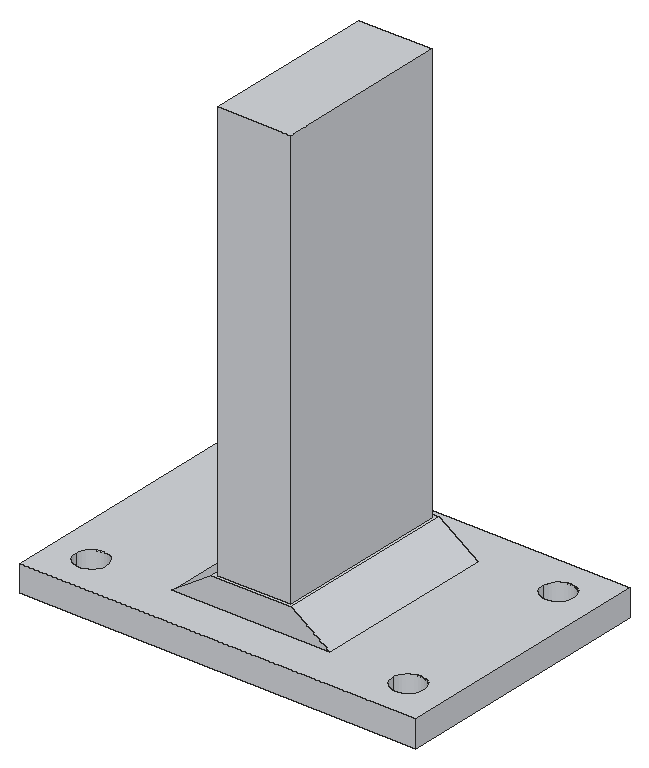
Revit family "Lighting-UrbanLighting-GEWISS-EXTRO-BASE_SUPPORT", category Apparecchi per illuminazione, Revit 2019
Family settings
  Quota connettore circolare = Usa diametro
  Tipo di parte = Normale
  Numero OmniClass = 23.80.00.00
  Titolo OmniClass = Electric Power and Lighting
  Basato su piano di lavoro = Sì
  Sempre verticale = Sì
  Taglio con vuoti quando caricato = No
  Sorgente d'illuminazione = No
  Condiviso = No
  Punto di calcolo locali = Sì
Parameters (values of type "GW82297 - RECTANGULAR BASE COLUMN EXTRO G.GREY")
  Version file RFA = "20.11"
  URL = "https://www.gewiss.com/ww/en"
  Technical sheet = "https://www.gewiss.com/ww/en/search?q=GW82297"
  SIMBOLO [instance] = yes
  SEO = "Column base"
  Realized by GEWISS S.p.A. = ""
  Default Elevation = 1219.2 mm
  Produttore = "GEWISS S.p.A."
  Piede = none
  Outer dim. LxHxD (mm) = "300x202x315"
  Modello = "GW82297"
  Material = "Extruded aluminium"
  Larghezza_basamento = 202 mm
  Lunghezza_Basamento = 300 mm
  Lunghezza_piede = 140 mm
  Larghezza_Piede [instance] = 60 mm
  Immagine tipo = GW82297.jpg
  IDT = "1fff9009-d007-4e18-9cb8-e6882bacfd6c"
  IDF = "e4de050c-6b37-4dae-86da-f3d3a7c91041"
  Electrocod = "240"
  EAN code = "8011564210431"
  Dimensions AxBxC (mm) = "300x202x315"
  Descrizione = "RECTANGULAR BASE COLUMN EXTRO G.GREY"
  Colour = "Graphite grey"
  Catalogue Range = "EXTRO"
  Catalogue = "LIGHTING"
  COBie.Tagnumber = ""
  COBie.CreatedOn = ""
  COBie.CreatebBy = ""
  COBie.ComponentRegisterItemID = ""
  COBie.Component.TagNumber = ""
  COBie.Component.Space = ""
  COBie.Component.SerialNumber = ""
  COBie.Component.InstallationDate = ""
  COBie.Component.Description = ""
  COBie.Component.BarCode = ""
  Basamento = none
  BIDIMENSIONALE [instance] = not(SIMBOLO)  # no
  Altezza piede = 358 mm
Reference planes
  plane 1 "Centro (Fronte/Retro)": y = 0
  plane 2: z = 0
  plane 3 "Centro (Sinistra/Destra)": x = 0
  plane 4: x = -150
  plane 5: x = 150
  plane 6: y = 101
  plane 7: y = -101
  plane 8: z = 20
  plane 9: x = -30
  plane 10: x = 30
  plane 11: x = -60
  plane 12: x = 60
  plane 13: z = 40
  plane 14: y = 70
  plane 15: y = -70
  plane 16: x = 27.5
  plane 17: x = -27.5
  plane 18: y = 67
  plane 19: y = -67
  plane 20: z = 358
Forms (mm)
  Extrusion 1, solid, material <- "Basamento"
    sketch origin (0, 0, 0) x (1, 0, 0) y (0, 1, 0)
      loop
        line (-150, 101) -> (-150, -101) -> (150, -101) -> (150, 101) -> (-150, 101)
      loop
        circle (-120, 71) r 12
      loop
        circle (120, 71) r 12
      loop
        circle (-120, -71) r 12
      loop
        circle (120, -71) r 12
    from 0 to 20
  Extrusion 2, solid, material <- "Basamento"
    sketch origin (0, 0, 0) x (1, 0, 0) y (0, 0, 1)
      loop
        line (-30, 40) -> (-60, 20) -> (60, 20) -> (30, 40) -> (-30, 40)
    from -70 to 70
  Extrusion 3, solid, material <- "Piede"
    sketch origin (0, 0, 0) x (1, 0, 0) y (0, 1, 0)
      loop
        line (-27.5, 67) -> (-27.5, -67) -> (27.5, -67) -> (27.5, 67) -> (-27.5, 67)
    from 40 to 358
Lines and regions (mm)
  Masking region 1, visible <- "BIDIMENSIONALE"
    outline origin (0, 0, 0) x (1, 0, 0) y (0, 1, 0)
      loop
        line (-150, 101) -> (-150, -101) -> (150, -101) -> (150, 101) -> (-150, 101)
  Masking region 2
    outline origin (0, 0, 0) x (1, 0, 0) y (0, 0, 1)
      loop
        line (-150, 0) -> (150, 0) -> (150, 20) -> (-150, 20) -> (-150, 0)
      loop
        line (-27.5, 40) -> (27.5, 40) -> (27.5, 358) -> (-27.5, 358) -> (-27.5, 40)
  Masking region 3
    outline origin (0, 0, 0) x (1, 0, 0) y (0, 0, 1)
      loop
        line (-60, 20) -> (60, 20) -> (30, 40) -> (-30, 40) -> (-60, 20)
  Masking region 4
    outline origin (0, 0, 0) x (0, 1, 0) y (0, 0, 1)
      loop
        line (-101, 0) -> (101, 0) -> (101, 20) -> (-101, 20) -> (-101, 0)
      loop
        line (-67, 40) -> (67, 40) -> (67, 358) -> (-67, 358) -> (-67, 40)
  Masking region 5
    outline origin (0, 0, 0) x (0, 1, 0) y (0, 0, 1)
      loop
        line (-70, 20) -> (70, 20) -> (70, 40) -> (-70, 40) -> (-70, 20)
  symbolic lines
    curve 1: line (-150, 0, 0) -> (150, 0, 0)
    curve 2: line (-150, 0, 20) -> (-150, 0, 0)
    curve 3: line (150, 0, 20) -> (-150, 0, 20)
    curve 4: line (150, 0, 0) -> (150, 0, 20)
    curve 5: line (-27.5, 0, 40) -> (27.5, 0, 40)
    curve 6: line (-27.5, 0, 358) -> (-27.5, 0, 40)
    curve 7: line (27.5, 0, 358) -> (-27.5, 0, 358)
    curve 8: line (27.5, 0, 40) -> (27.5, 0, 358)
    curve 9: line (-30, 0, 40) -> (-60, 0, 20)
    curve 10: line (60, 0, 20) -> (30, 0, 40)
    curve 11: line (27.5, 0, 40) -> (-30, 0, 40)
    curve 23: line (0, 101, 0) -> (0, -101, 0)
    curve 24: line (0, 101, 20) -> (0, 101, 0)
    curve 25: line (0, -101, 20) -> (0, 101, 20)
    curve 26: line (0, -101, 0) -> (0, -101, 20)
    curve 27: line (0, -70, 20) -> (0, 70, 20)
    curve 28: line (0, -70, 40) -> (0, -70, 20)
    curve 29: line (0, 70, 40) -> (0, -70, 40)
    curve 30: line (0, 70, 20) -> (0, 70, 40)
    curve 31: line (0, 67, 40) -> (0, -67, 40)
    curve 32: line (0, 67, 358) -> (0, 67, 40)
    curve 33: line (0, -67, 358) -> (0, 67, 358)
    curve 34: line (0, -67, 40) -> (0, -67, 358)
  symbolic lines, not visible
    curve 12: line (-150, 0, 0) -> (150, 0, 0)
    curve 13: line (-150, 0, 20) -> (-150, 0, 0)
    curve 14: line (150, 0, 20) -> (-150, 0, 20)
    curve 15: line (150, 0, 0) -> (150, 0, 20)
    curve 16: line (-27.5, 0, 40) -> (27.5, 0, 40)
    curve 17: line (-27.5, 0, 358) -> (-27.5, 0, 40)
    curve 18: line (27.5, 0, 358) -> (-27.5, 0, 358)
    curve 19: line (27.5, 0, 40) -> (27.5, 0, 358)
    curve 20: line (-30, 0, 40) -> (-60, 0, 20)
    curve 21: line (60, 0, 20) -> (30, 0, 40)
    curve 22: line (27.5, 0, 40) -> (-30, 0, 40)
    curve 35: line (0, 101, 0) -> (0, -101, 0)
    curve 36: line (0, 101, 20) -> (0, 101, 0)
    curve 37: line (0, -101, 20) -> (0, 101, 20)
    curve 38: line (0, -101, 0) -> (0, -101, 20)
    curve 39: line (0, -70, 20) -> (0, 70, 20)
    curve 40: line (0, -70, 40) -> (0, -70, 20)
    curve 41: line (0, 70, 40) -> (0, -70, 40)
    curve 42: line (0, 70, 20) -> (0, 70, 40)
    curve 43: line (0, 67, 40) -> (0, -67, 40)
    curve 44: line (0, 67, 358) -> (0, 67, 40)
    curve 45: line (0, -67, 358) -> (0, 67, 358)
    curve 46: line (0, -67, 40) -> (0, -67, 358)
  symbolic lines, visible <- "BIDIMENSIONALE"
    curve 47: line (-150, 101, 0) -> (150, 101, 0)
    curve 48: line (-150, -101, 0) -> (-150, 101, 0)
    curve 49: line (150, -101, 0) -> (-150, -101, 0)
    curve 50: line (150, 101, 0) -> (150, -101, 0)
    curve 51: arc (-132, 71, 0) -> (-120, 83, 0) -> (-108, 71, 0) r 12
    curve 52: arc (-108, 71, 0) -> (-120, 59, 0) -> (-132, 71, 0) r 12
    curve 53: arc (-132, -71, 0) -> (-120, -59, 0) -> (-108, -71, 0) r 12
    curve 54: arc (-108, -71, 0) -> (-120, -83, 0) -> (-132, -71, 0) r 12
    curve 55: line (-60, -70, 0) -> (-60, 70, 0)
    curve 56: line (-60, 70, 0) -> (60, 70, 0)
    curve 57: line (60, 70, 0) -> (60, -70, 0)
    curve 58: line (60, -70, 0) -> (-60, -70, 0)
    curve 59: line (-30, 70, 0) -> (-30, -70, 0)
    curve 60: line (30, 70, 0) -> (30, -70, 0)
    curve 61: line (27.5, -67, 0) -> (27.5, 67, 0)
    curve 62: line (27.5, 67, 0) -> (-27.5, 67, 0)
    curve 63: line (-27.5, 67, 0) -> (-27.5, -67, 0)
    curve 64: line (-27.5, -67, 0) -> (27.5, -67, 0)
    curve 65: arc (132, -71, 0) -> (120, -59, 0) -> (108, -71, 0) r 12
    curve 66: arc (108, -71, 0) -> (120, -83, 0) -> (132, -71, 0) r 12
    curve 67: arc (132, 71, 0) -> (120, 59, 0) -> (108, 71, 0) r 12
    curve 68: arc (108, 71, 0) -> (120, 83, 0) -> (132, 71, 0) r 12
  symbolic lines, visible <- "BIDIMENSIONALE", not visible
    curve 69: line (-150, 101, 0) -> (150, 101, 0)
    curve 70: line (-150, -101, 0) -> (-150, 101, 0)
    curve 71: line (150, -101, 0) -> (-150, -101, 0)
    curve 72: line (150, 101, 0) -> (150, -101, 0)
    curve 73: arc (-132, 71, 0) -> (-120, 83, 0) -> (-108, 71, 0) r 12
    curve 74: arc (-108, 71, 0) -> (-120, 59, 0) -> (-132, 71, 0) r 12
    curve 75: arc (-132, -71, 0) -> (-120, -59, 0) -> (-108, -71, 0) r 12
    curve 76: arc (-108, -71, 0) -> (-120, -83, 0) -> (-132, -71, 0) r 12
    curve 77: line (-60, -70, 0) -> (-60, 70, 0)
    curve 78: line (-60, 70, 0) -> (60, 70, 0)
    curve 79: line (60, 70, 0) -> (60, -70, 0)
    curve 80: line (60, -70, 0) -> (-60, -70, 0)
    curve 81: line (-30, 70, 0) -> (-30, -70, 0)
    curve 82: line (30, 70, 0) -> (30, -70, 0)
    curve 83: line (27.5, -67, 0) -> (27.5, 67, 0)
    curve 84: line (27.5, 67, 0) -> (-27.5, 67, 0)
    curve 85: line (-27.5, 67, 0) -> (-27.5, -67, 0)
    curve 86: line (-27.5, -67, 0) -> (27.5, -67, 0)
    curve 87: arc (132, -71, 0) -> (120, -59, 0) -> (108, -71, 0) r 12
    curve 88: arc (108, -71, 0) -> (120, -83, 0) -> (132, -71, 0) r 12
    curve 89: arc (132, 71, 0) -> (120, 59, 0) -> (108, 71, 0) r 12
    curve 90: arc (108, 71, 0) -> (120, 83, 0) -> (132, 71, 0) r 12
Dimensions and locks
  equal spacing: plane 4, plane 3 "Centro (Sinistra/Destra)", plane 5
  equal spacing: plane 6, plane 1 "Centro (Fronte/Retro)", plane 7
  locked: plane 8 to plane 2 at 20
  "Lunghezza_Basamento": plane 4 to plane 5
  "Larghezza_basamento": plane 6 to plane 7
  locked: plane 4 to Extrusion 1 sketch curve at 30  (x2)
  locked: Extrusion 1 sketch curve to plane 5 at 30  (x2)
  locked: Extrusion 1 sketch curve to plane 7 at 30  (x2)
  locked: plane 6 to Extrusion 1 sketch curve at 30  (x2)
  equal spacing: plane 9, plane 3 "Centro (Sinistra/Destra)", plane 10
  "Larghezza_Piede": plane 9 to plane 10
  plane 10 to plane 9 = 60 mm
  equal spacing: plane 12, plane 3 "Centro (Sinistra/Destra)", plane 11
  locked: plane 13 to plane 8 at 20
  equal spacing: plane 14, plane 1 "Centro (Fronte/Retro)", plane 15
  "Lunghezza_piede": plane 14 to plane 15
  locked: plane 9 to plane 17 at 2.5
  locked: plane 16 to plane 10 at 2.5
  locked: plane 14 to plane 18 at 3
  locked: plane 19 to plane 15 at 3
  "Altezza piede": plane 20 to level
  aligned and locked: level to plane 2
  aligned and locked: Extrusion 1 sketch curve to plane 6
  aligned and locked: plane 7 to Extrusion 1 sketch curve
  aligned and locked: plane 8 to Extrusion 1
  aligned and locked: plane 13 to Extrusion 2 sketch curve
  aligned and locked: Extrusion 2 sketch curve to plane 8
  aligned and locked: plane 14 to Extrusion 2
  aligned and locked: Extrusion 2 to plane 15
  aligned and locked: Extrusion 3 sketch curve to plane 18
  aligned and locked: plane 17 to Extrusion 3 sketch curve
  aligned and locked: plane 19 to Extrusion 3 sketch curve
  aligned and locked: Extrusion 3 sketch curve to plane 16
  aligned and locked: plane 20 to Extrusion 3
  aligned and locked: Extrusion 3 to plane 13
  aligned and locked: plane 1 "Centro (Fronte/Retro)" to nested 1
  aligned and locked: plane 3 "Centro (Sinistra/Destra)" to nested 1
  aligned and locked: Masking region 1 sketch curve to Extrusion 1  (x4)
  aligned and locked: Masking region 2 sketch curve to Extrusion 1  (x4)
  aligned and locked: Masking region 2 sketch curve to Extrusion 3  (x4)
  aligned and locked: Masking region 4 sketch curve to Extrusion 1  (x4)
  aligned and locked: Masking region 4 sketch curve to Extrusion 3  (x4)
  aligned and locked: Masking region 5 sketch curve to Extrusion 2  (x4)
Automatic sketch dimensions
  Extrusion 1 sketch curve to plane 4 = 0 mm
  Extrusion 1 sketch curve to plane 5 = 0 mm
  Extrusion 2 sketch curve to plane 11 = 0 mm
  Extrusion 2 sketch curve to plane 9 = 0 mm
  Extrusion 2 sketch curve to plane 10 = 0 mm
  Extrusion 2 sketch curve to plane 12 = 0 mm
  curve 51 to curve 52 = 0 mm  (x2)
  curve 53 to curve 54 = 0 mm  (x2)
  curve 65 to curve 66 = 0 mm  (x2)
  curve 67 to curve 68 = 0 mm  (x2)
  curve 48 to curve 54 = 30 mm  (x2)
  curve 47 to curve 52 = 30 mm
  curve 53 to curve 55 = 60 mm
  curve 55 to curve 63 = 32.5 mm
  curve 62 to curve 61 = 55 mm
  curve 61 to curve 57 = 32.5 mm
  curve 56 to curve 67 = 60 mm
  curve 57 to curve 65 = 60 mm
  curve 65 to curve 49 = 30 mm
  curve 49 to curve 66 = 30 mm
  curve 53 to curve 58 = 1 mm
  curve 60 to curve 61 = 3 mm
  curve 63 to curve 62 = 134 mm
  curve 61 to curve 57 = 3 mm
  curve 55 to curve 52 = 1 mm
  curve 56 to curve 68 = 1 mm
  curve 52 to curve 48 = 30 mm
  curve 52 to curve 51 = 12 mm
  curve 54 to curve 53 = 12 mm
  curve 59 to curve 62 = 2.5 mm
  curve 61 to curve 60 = 2.5 mm
  curve 68 to curve 67 = 12 mm
  curve 65 to curve 65 = 12 mm
  curve 73 to curve 74 = 0 mm  (x2)
  curve 75 to curve 76 = 0 mm  (x2)
  curve 87 to curve 88 = 0 mm  (x2)
  curve 89 to curve 90 = 0 mm  (x2)
  curve 70 to curve 76 = 30 mm  (x2)
  curve 69 to curve 74 = 30 mm
  curve 75 to curve 77 = 60 mm
  curve 77 to curve 85 = 32.5 mm
  curve 84 to curve 83 = 55 mm
  curve 83 to curve 79 = 32.5 mm
  curve 78 to curve 89 = 60 mm
  curve 79 to curve 87 = 60 mm
  curve 87 to curve 71 = 30 mm
  curve 71 to curve 88 = 30 mm
  curve 75 to curve 80 = 1 mm
  curve 82 to curve 83 = 3 mm
  curve 85 to curve 84 = 134 mm
  curve 83 to curve 79 = 3 mm
  curve 77 to curve 74 = 1 mm
  curve 78 to curve 90 = 1 mm
  curve 74 to curve 70 = 30 mm
  curve 74 to curve 73 = 12 mm
  curve 76 to curve 75 = 12 mm
  curve 81 to curve 84 = 2.5 mm
  curve 83 to curve 82 = 2.5 mm
  curve 90 to curve 89 = 12 mm
  curve 87 to curve 87 = 12 mm
  Masking region 3 sketch curve to plane 8 = 0 mm
  Masking region 3 sketch curve to plane 11 = 0 mm
  Masking region 3 sketch curve to plane 9 = 0 mm
  Masking region 3 sketch curve to plane 10 = 0 mm
  Masking region 3 sketch curve to plane 12 = 0 mm
  Masking region 3 sketch curve to plane 13 = 0 mm
  radius of Extrusion 1 sketch curve = 12 mm  (x4)
Nested families
  nested 1: "ACCPIASTRA" at (0, 0, 0), visible <- "SIMBOLO", type "ACCPIASTRA"
Definition of nested family "ACCPIASTRA"
  Reference planes
    plane 1 "Centro (Fronte/Retro)": y = 0
    plane 2: z = 0
    plane 3 "Centro (Sinistra/Destra)": x = 0
  Lines and regions (mm)
    detail lines, in view "Livello rif."
      curve 1: line (-85.401, -52.093, 0) -> (85.401, -52.093, 0)
      curve 2: line (85.401, -52.093, 0) -> (85.401, 52.093, 0)
      curve 3: line (85.401, 52.093, 0) -> (-85.401, 52.093, 0)
      curve 4: line (-85.401, 52.093, 0) -> (-85.401, -52.093, 0)
      curve 5: line (-7.115, 89.747, 0) -> (0, 87.807, 0)
      curve 6: line (0, 87.807, 0) -> (7.644, 89.747, 0)
      curve 7: line (7.644, 89.747, 0) -> (13.23, 95.272, 0)
      curve 8: line (13.23, 95.272, 0) -> (15.288, 102.914, 0)
      curve 9: line (15.288, 102.914, 0) -> (13.23, 110.379, 0)
      curve 10: line (13.23, 110.379, 0) -> (7.759, 115.75, 0)
      curve 11: line (7.759, 115.75, 0) -> (0.173, 117.807, 0)
      curve 12: line (0.173, 117.807, 0) -> (-7.177, 115.868, 0)
      curve 13: line (-7.177, 115.868, 0) -> (-12.763, 110.225, 0)
      curve 14: line (-12.763, 110.225, 0) -> (-14.763, 102.877, 0)
      curve 15: line (-14.763, 102.877, 0) -> (-12.648, 95.396, 0)
      curve 16: line (-12.648, 95.396, 0) -> (-7.115, 89.747, 0)
      curve 17: line (0, 87.807, 0) -> (0, 52.093, 0)
      curve 18: line (-49.046, -26.335, 0) -> (48.897, -26.335, 0)
      curve 19: line (-0.075, -26.335, 0) -> (-0.075, 26.335, 0)
      curve 20: line (-24.56, 26.335, 0) -> (24.411, 26.335, 0)
